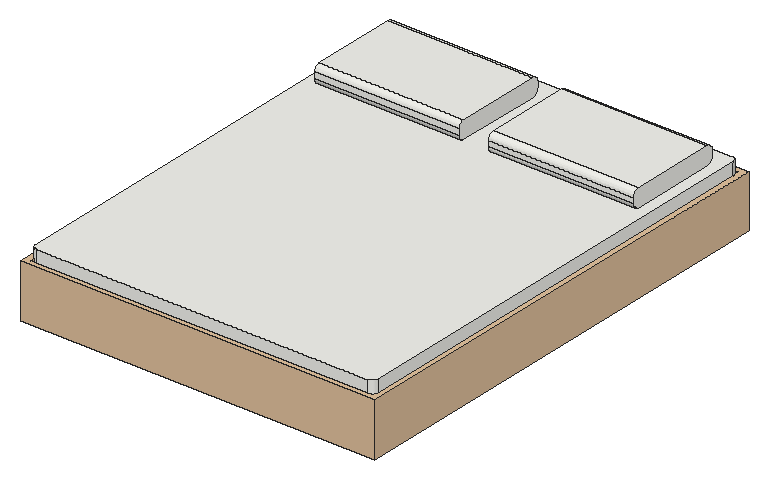
Revit family "026ffd8517bf4fd4b826d4fb090a7aec", category Furniture, Revit 2021
Family settings
  OmniClass Number = 23.40.20.17.14.11
  OmniClass Title = Beds
  Seek Item ID = Bed-Box-0000-USA-ENU
  Work Plane-Based = No
  Always vertical = Yes
  Cut with Voids When Loaded = No
  Shared = No
  Room Calculation Point = No
Parameters (values of type "Queen 60" x 79"")
  Default Elevation = 0' - 0"
  Assembly Code = "E2020200"
  Frame Material = Birch
  Length = 6' - 7"
  Mattress Material = Linen, White
  Width = 5' - 0"
Types (4): name | Length | Width
  (no name) | 6' - 7" | 5' - 0"
  Double 53" x 74" | 6' - 2" | 4' - 5"
  Queen 60" x 79" | 6' - 7" | 5' - 0"
  Twin 38" x 74" | 6' - 2" | 3' - 2"
Reference planes (in)
  plane 1 "Center (Front/Back)": y = -9.22951
  plane 2: z = 0
  plane 3 "Center (Left/Right)": x = 13.35246
  plane 4: y = 30.27049
  plane 5: y = -48.72951
  plane 6: x = -16.64754
  plane 7: x = 43.35246
  plane 8: z = 7
  plane 9: y = 26.27049
  plane 10: y = 9.77049
Forms (in)
  Sweep 1, solid, material "Birch" <- "Frame Material"
    path origin (0, -48.72951, 0) x (1, 0, 0) y (0, 0, 1)
      loop
        line (-15.64754, 7) -> (-13.64754, 7) -> (-10.65262, 0.57738)
        arc (-10.65262, 0.57738) -> (-10.28362, 0.15661) -> (-9.74632, 0) r 1
        line (-9.74632, 0) -> (-6.65134, 0)
        arc (-6.65134, 0) -> (-6.39252, 0.03407) -> (-6.15134, 0.13397) r 1
        line (-6.15134, 0.13397) -> (-3.78531, 1.5) -> (30.49023, 1.5) -> (32.85625, 0.13397)
        arc (32.85625, 0.13397) -> (33.09744, 0.03407) -> (33.35625, 0) r 1
        line (33.35625, 0) -> (36.45124, 0)
        arc (36.45124, 0) -> (36.98853, 0.15661) -> (37.35754, 0.57738) r 1
        line (37.35754, 0.57738) -> (40.35246, 7) -> (42.35246, 7)
    profile origin (-14.64754, -48.72951, 0) x (0, 0, 1) y (0, -1, 0)
      loop
        line (7.75, -9) -> (7, -9) -> (7, -12) -> (7.75, -12) -> (7.75, -9)
  Extrusion 2, solid, material "Linen, White" <- "Mattress Material"
    sketch origin (0, 0, 16) x (1, 0, 0) y (0, 1, 0)
      loop
        line (41.35246, 29.27049) -> (-14.64754, 29.27049)
        arc (-14.64754, 29.27049) -> (-15.35465, 28.9776) -> (-15.64754, 28.27049) r 1
        line (-15.64754, 28.27049) -> (-15.64754, -46.72951)
        arc (-15.64754, -46.72951) -> (-15.35465, -47.43661) -> (-14.64754, -47.72951) r 1
        line (-14.64754, -47.72951) -> (41.35246, -47.72951)
        arc (41.35246, -47.72951) -> (42.05957, -47.43661) -> (42.35246, -46.72951) r 1
        line (42.35246, -46.72951) -> (42.35246, 28.27049)
        arc (42.35246, 28.27049) -> (42.05957, 28.9776) -> (41.35246, 29.27049) r 1
    from 0 to -8
  Sweep 3, solid, material "Birch" <- "Frame Material"
    path origin (0, 30.27049, 0) x (1, 0, 0) y (0, 0, 1)
      loop
        line (-15.63477, 7) -> (-13.63477, 7) -> (-10.63985, 0.57738)
        arc (-10.63985, 0.57738) -> (-10.27085, 0.15661) -> (-9.73355, 0) r 1
        line (-9.73355, 0) -> (-6.63857, 0)
        arc (-6.63857, 0) -> (-6.37975, 0.03407) -> (-6.13857, 0.13397) r 1
        line (-6.13857, 0.13397) -> (-3.77254, 1.5) -> (30.49023, 1.5) -> (32.85625, 0.13397)
        arc (32.85625, 0.13397) -> (33.09744, 0.03407) -> (33.35625, 0) r 1
        line (33.35625, 0) -> (36.45124, 0)
        arc (36.45124, 0) -> (36.98853, 0.15661) -> (37.35754, 0.57738) r 1
        line (37.35754, 0.57738) -> (40.35246, 7) -> (42.35246, 7)
    profile origin (-14.63477, 30.27049, 0) x (0, 0, 1) y (0, -1, 0)
      loop
        line (7, 13) -> (7, 10) -> (7.75, 10) -> (7.75, 13) -> (7, 13)
  Extrusion 4, solid, material "Birch" <- "Frame Material"
    sketch origin (0, 0, 0) x (1, 0, 0) y (0, 1, 0)
      loop
        line (-16.64754, 30.27049) -> (-16.64754, -48.72951) -> (43.35246, -48.72951) -> (43.35246, 30.27049) -> (-16.64754, 30.27049)
      loop
        line (-15.64754, 29.27049) -> (-15.64754, -47.72951) -> (42.35246, -47.72951) -> (42.35246, 29.27049) -> (-15.64754, 29.27049)
    from 5 to 14
  Sweep 5, solid, material "Linen, White" <- "Mattress Material"
    path origin (0, 0, 0) x (1, 0, 0) y (0, 1, 0)
      loop
        line (-13.64754, 26.27049) -> (10.85246, 26.27049)
    profile origin (-1.39754, 0, 0) x (0, 1, 0) y (0, 0, 1)
      loop
        line (10.77049, 16) -> (25.27049, 16)
        arc (25.27049, 16) -> (25.9776, 16.29289) -> (26.27049, 17) r 1
        line (26.27049, 17) -> (26.27049, 18)
        arc (26.27049, 18) -> (25.9776, 18.70711) -> (25.27049, 19) r 1
        line (25.27049, 19) -> (10.77049, 19)
        arc (10.77049, 19) -> (10.06339, 18.70711) -> (9.77049, 18) r 1
        line (9.77049, 18) -> (9.77049, 17)
        arc (9.77049, 17) -> (10.06339, 16.29289) -> (10.77049, 16) r 1
  Sweep 6, solid, material "Linen, White" <- "Mattress Material"
    path origin (29.5, 0, 0) x (1, 0, 0) y (0, 1, 0)
      loop
        line (-13.64754, 26.27049) -> (10.85246, 26.27049)
    profile origin (28.10246, 0, 0) x (0, 1, 0) y (0, 0, 1)
      loop
        line (10.77049, 16) -> (25.27049, 16)
        arc (25.27049, 16) -> (25.9776, 16.29289) -> (26.27049, 17) r 1
        line (26.27049, 17) -> (26.27049, 18)
        arc (26.27049, 18) -> (25.9776, 18.70711) -> (25.27049, 19) r 1
        line (25.27049, 19) -> (10.77049, 19)
        arc (10.77049, 19) -> (10.06339, 18.70711) -> (9.77049, 18) r 1
        line (9.77049, 18) -> (9.77049, 17)
        arc (9.77049, 17) -> (10.06339, 16.29289) -> (10.77049, 16) r 1
Lines and regions (in)
  Masking region 1
    outline origin (0, 0, 0) x (1, 0, 0) y (0, 1, 0)
      loop
        line (-16.64754, 30.27049) -> (-16.64754, -48.72951) -> (43.35246, -48.72951) -> (43.35246, 30.27049) -> (-16.64754, 30.27049)
  symbolic lines
    curve 1: line (-15.64754, 29.27049, 0) -> (42.35246, 29.27049, 0)
    curve 2: line (-15.64754, 29.27049, 0) -> (-15.64754, -47.72951, 0)
    curve 3: line (-15.64754, -47.72951, 0) -> (42.35246, -47.72951, 0)
    curve 4: line (42.35246, 29.27049, 0) -> (42.35246, -47.72951, 0)
    curve 5: line (-13.64754, 26.27049, 0) -> (10.85246, 26.27049, 0)
    curve 6: line (-13.64754, 26.27049, 0) -> (-13.64754, 9.77049, 0)
    curve 7: line (-13.64754, 9.77049, 0) -> (10.85246, 9.77049, 0)
    curve 8: line (10.85246, 26.27049, 0) -> (10.85246, 9.77049, 0)
    curve 9: line (15.85246, 26.27049, 0) -> (40.35246, 26.27049, 0)
    curve 10: line (15.85246, 26.27049, 0) -> (15.85246, 9.77049, 0)
    curve 11: line (15.85246, 9.77049, 0) -> (40.35246, 9.77049, 0)
    curve 12: line (40.35246, 26.27049, 0) -> (40.35246, 9.77049, 0)
    curve 13: line (42.35246, 9.77049, 0) -> (-15.64754, 0.77782, 0)
Dimensions and locks (in)
  equal spacing: plane 6, plane 3 "Center (Left/Right)", plane 7
  equal spacing: plane 5, plane 1 "Center (Front/Back)", plane 4
  "Length": plane 5 to plane 4
  "Width": plane 6 to plane 7
  locked: plane 6 to Sweep 1 sketch curve at 3
  locked: Sweep 1 sketch curve to Sweep 1 sketch curve at 3.09498  (x2)
  locked: Sweep 1 sketch curve to plane 7 at 3
  plane 10 to plane 9 to plane 4 = 1' - 4 1/2", 0' - 4" locked
  aligned and locked: Extrusion 2 sketch curve to Extrusion 4  (x4)
  aligned and locked: curve 10 to Sweep 6 sketch curve
  aligned and locked: curve 12 to Sweep 6 sketch curve
  aligned and locked: curve 5 to Sweep 6 sketch curve
  aligned and locked: Masking region 1 sketch curve to plane 6
  aligned and locked: plane 4 to Masking region 1 sketch curve
  aligned and locked: plane 7 to Masking region 1 sketch curve
  aligned and locked: Masking region 1 sketch curve to plane 5
Automatic sketch dimensions
  Sweep 1 sketch curve to profile plane = 0' - 0"
  Sweep 1 sketch curve to profile plane = 0' - 0 3/4"
  Sweep 1 sketch curve to plane 5 = 1' - 0"
  Sweep 1 sketch curve to Sweep 1 sketch curve = 0' - 3"
  Sweep 3 sketch curve to profile plane = 0' - 0"
  Sweep 3 sketch curve to profile plane = 0' - 0 3/4"
  plane 4 to Sweep 3 sketch curve = 0' - 10"
  Sweep 3 sketch curve to Sweep 3 sketch curve = 0' - 3"
  Extrusion 4 sketch curve to plane 4 = 0' - 0"
  Extrusion 4 sketch curve to plane 6 = 0' - 0"
  Extrusion 4 sketch curve to plane 5 = 0' - 0"
  Extrusion 4 sketch curve to plane 7 = 0' - 0"
  Extrusion 4 sketch curve to plane 6 = 0' - 1"
  plane 7 to Extrusion 4 sketch curve = 0' - 1"
  Extrusion 4 sketch curve to plane 5 = 0' - 1"
  plane 4 to Extrusion 4 sketch curve = 0' - 1"
  Extrusion 2 sketch curve to Extrusion 2 sketch curve = 0' - 1"  (x3)
  plane 4 to Extrusion 2 sketch curve = 0' - 2"
  Sweep 1 sketch curve to level = 0' - 0"  (x2)
  Sweep 1 sketch curve to plane 6 = 0' - 1"
  level to Sweep 1 sketch curve = 0' - 0.57738"  (x2)
  Sweep 1 sketch curve to Sweep 1 sketch curve = 0' - 2.99492"
  Sweep 1 sketch curve to Sweep 1 sketch curve = 0' - 0.90631"  (x2)
  level to Sweep 1 sketch curve = 0' - 0.13397"  (x2)
  Sweep 1 sketch curve to Sweep 1 sketch curve = 0' - 0 1/2"  (x2)
  level to Sweep 1 sketch curve = 0' - 1 1/2"
  Sweep 1 sketch curve to Sweep 1 sketch curve = 0' - 2.36603"  (x2)
  Sweep 1 sketch curve to Sweep 1 sketch curve = 0' - 9.86223"
  plane 7 to Sweep 1 sketch curve = 0' - 1"
  level to Sweep 1 sketch curve = 0' - 7"  (x2)
  Sweep 3 sketch curve to level = 0' - 0"  (x2)
  Sweep 3 sketch curve to plane 6 = 0' - 1.01277"
  Sweep 3 sketch curve to Sweep 3 sketch curve = 0' - 2"
  level to Sweep 3 sketch curve = 0' - 0.57738"  (x2)
  Sweep 3 sketch curve to plane 6 = 0' - 6.00769"
  level to Sweep 3 sketch curve = 0' - 1"  (x2)
  Sweep 3 sketch curve to Sweep 3 sketch curve = 0' - 3.09498"  (x2)
  level to Sweep 3 sketch curve = 0' - 0.13397"  (x2)
  Sweep 3 sketch curve to Sweep 3 sketch curve = 0' - 0 1/2"  (x2)
  level to Sweep 3 sketch curve = 0' - 1 1/2"  (x2)
  Sweep 3 sketch curve to Sweep 3 sketch curve = 0' - 2.36603"  (x2)
  plane 7 to Sweep 3 sketch curve = 1' - 0.86223"
  Sweep 3 sketch curve to Sweep 3 sketch curve = 0' - 0"
  plane 7 to Sweep 3 sketch curve = 0' - 3"
  plane 7 to Sweep 3 sketch curve = 0' - 1"
  level to Sweep 3 sketch curve = 0' - 7"  (x2)
  curve 6 to plane 6 = 0' - 3"
  curve 5 to plane 3 "Center (Left/Right)" = 0' - 2 1/2"
  plane 3 "Center (Left/Right)" to curve 9 = 0' - 2 1/2"
  plane 7 to curve 9 = 0' - 3"
  plane 7 to curve 13 = 0' - 1"
  curve 4 to plane 5 = 0' - 1"
  curve 13 to plane 1 "Center (Front/Back)" = 0' - 10.00732"
  curve 13 to curve 7 = 0' - 8.99268"
  curve 11 to curve 7 = 0' - 0"
  curve 13 to curve 11 = 0' - 0"
  plane 4 to curve 6 = 0' - 4"
  plane 4 to curve 10 = 0' - 4"
  plane 4 to curve 4 = 0' - 1"
  Sweep 5 sketch curve to plane 9 = 0' - 0"
  Sweep 5 sketch curve to plane 6 = 0' - 3"
  Sweep 5 sketch curve to plane 3 "Center (Left/Right)" = 0' - 2 1/2"
  Sweep 5 sketch curve to profile plane = 0' - 0"
  profile plane to Sweep 5 sketch curve = 0' - 1"  (x2)
  Sweep 5 sketch curve to Sweep 5 sketch curve = 1' - 2 1/2"
  Sweep 5 sketch curve to Sweep 5 sketch curve = 0' - 0"
  Sweep 5 sketch curve to Sweep 5 sketch curve = 0' - 1"  (x2)
  level to Sweep 5 sketch curve = 1' - 4"
  Sweep 6 sketch curve to profile plane = 0' - 0"
  profile plane to Sweep 6 sketch curve = 0' - 1"  (x2)
  Sweep 6 sketch curve to Sweep 6 sketch curve = 1' - 2 1/2"
  Sweep 6 sketch curve to Sweep 6 sketch curve = 0' - 0"
  Sweep 6 sketch curve to Sweep 6 sketch curve = 0' - 1"  (x2)
  curve 13 to plane 6 = 0' - 1"
